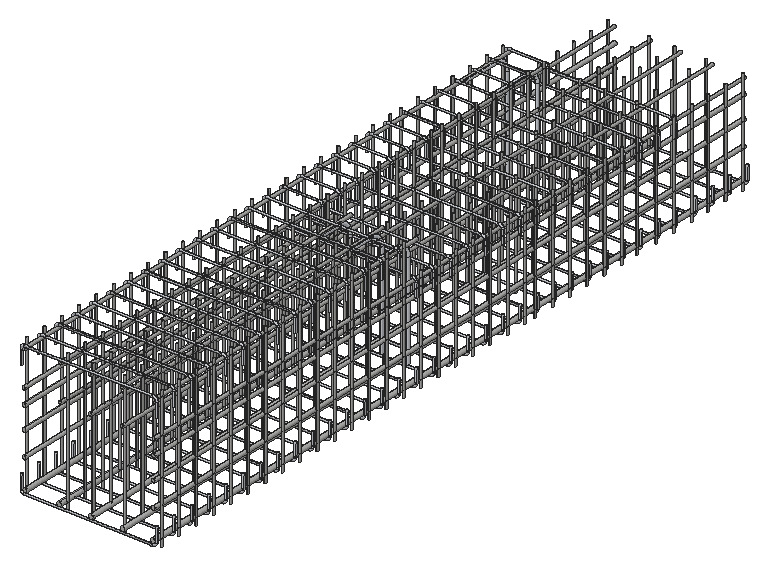
Revit family "261_Каркас пространственный КП4", category Обобщенные модели, Revit 2016
Family settings
  Тип детали = Нормальный
  Может служить основой для арматурных стержней = Нет
  Размер круглого соединителя = Использовать диаметр
  На основе рабочей плоскости = Нет
  Всегда вертикально = Да
  При загрузке вырезать с полостями = Нет
  Общий = Нет
  Точка расчета площади = Нет
Parameters
  Орг.УровеньТекстовый [instance] = ""
  Орг.ОбознчТома(Комплекта) [instance] = ""
  Орг.НомерЛистаЭлемента [instance] = ""
  Орг.МассаИзделия = 0
  Орг.ИзделиеТипПодсчета [instance] = 8
  Орг.ИдентификацияЭлемента2 [instance] = ""
  Орг.ИдентификацияЭлемента1 [instance] = ""
  Орг.ИдентификацияЭлемента [instance] = ""
  Мрк.Обозначение [instance] = ""
  Мрк.Наименование [instance] = "Каркас пространственный КП 4"
  Мрк.МаркаКонструкции [instance] = ""
  Мрк.МаркаИзделия3 [instance] = ""
  Мрк.МаркаИзделия2 [instance] = ""
  Мрк.МаркаИзделия1 [instance] = ""
  Мрк.МаркаИзделия [instance] = "Каркас пространственный КП 4"
  Мрк.Марка [instance] = ""
Reference planes
  plane 1 "По центру (Вперед/Назад)": y = 0
  plane 2: z = 0
  plane 3 "По центру (Влево/Вправо)": x = 0
  plane 4 "П-образный стержень": y = 0
  plane 5: x = 1000
  plane 6: y = 5120
  plane 7 "КР 29": x = 60
  plane 8 "КР30": x = 300
  plane 9 "КР31": x = 520
  plane 10 "КР32": x = 950
  plane 11: x = 740
Dimensions and locks
  aligned and locked: level to plane 2
Nested families
  nested 1: "261_Каркас плоский КР 29" at (38, 0, 0) x (0, 1, 0) z (1, 0, 0), Орг.ИдентификацияЭлемента <- "Орг.ИдентификацияЭлемента", Орг.ИдентификацияЭлемента1 <- "Орг.ИдентификацияЭлемента1", Орг.ИдентификацияЭлемента2 <- "Орг.ИдентификацияЭлемента2", Мрк.МаркаИзделия <- "Мрк.МаркаИзделия", Мрк.МаркаКонструкции <- "Мрк.МаркаКонструкции", Орг.ОбознчТома(Комплекта) <- "Орг.ОбознчТома(Комплекта)", Орг.УровеньТекстовый <- "Орг.УровеньТекстовый", type "261_Каркас плоский КР 29"
    with Орг.УровеньТекстовый "", Орг.ОбознчТома(Комплекта) "", Орг.НомерЛистаЭлемента "", Орг.ИзделиеТипПодсчета 8, Орг.ИдентификацияЭлемента2 "", Орг.ИдентификацияЭлемента1 "", Орг.ИдентификацияЭлемента "", Мрк.Обозначение "", Мрк.Наименование "Каркас плоский КР 29", Мрк.МаркаКонструкции "", Мрк.МаркаИзделия3 "", Мрк.МаркаИзделия2 "", Мрк.МаркаИзделия1 "Каркас плоский КР 29", Мрк.МаркаИзделия "Каркас пространственный КП 4", Мрк.Марка "1"
  nested 2: "361_Арматурная форма 1" at (38, 45, 500) x (0, 0, 1) z (1, 0, 0), type "Параметрический"
    with Рзм.Длина 970 mm, Рзм.Диаметр 12 mm, Орг.УровеньТекстовый "", Орг.ОбознчТома(Комплекта) "", Орг.НомерЛистаЭлемента "", Орг.ИзделиеТипПодсчета 2, Орг.ИдентификацияЭлемента1 "", Орг.ИдентификацияЭлемента "", Мрк.Обозначение "ГОСТ 5781-82", Мрк.Наименование "Ø12 А240 ГОСТ 5781-82", Мрк.МаркаКонструкции "", Мрк.МаркаИзделия3 "", Мрк.МаркаИзделия2 "", Мрк.МаркаИзделия1 "Каркас плоский КР 29", Мрк.МаркаИзделия "Каркас пространственный КП 4", Мрк.Марка "6", Арм.РазмерR 0 mm, Арм.РазмерJ 0 mm, Арм.РазмерG 0 mm, Арм.РазмерF 0 mm, Арм.РазмерE 0 mm, Арм.РазмерD 0 mm, Арм.РазмерC 0 mm, Арм.РазмерB 0 mm, Арм.РазмерA 970 mm, Арм.ПогМетрыВкл no, Арм.КоэфНахлеста 1, Арм.Класс 1240
  nested 3: "361_Арматурная форма 2" at (76.814, 4160, 560.084) x (0.0074, 0, -1) z (1, 0, 0.0074), type "Параметрический"
    with Рзм.РасчетныйРадиус 90 mm, Рзм.Длина 1090.738 mm, Рзм.Диаметр 20 mm, Орг.УровеньТекстовый "", Орг.ОбознчТома(Комплекта) "", Орг.НомерЛистаЭлемента "", Орг.ИзделиеТипПодсчета 2, Орг.ИдентификацияЭлемента2 "", Орг.ИдентификацияЭлемента1 "", Орг.ИдентификацияЭлемента "", Мсв.Количество 1, Мрк.Обозначение "ГОСТ 5781-82", Мрк.Наименование "Ø20 А240 ГОСТ 5781-82", Мрк.МаркаКонструкции "", Мрк.МаркаИзделия3 "", Мрк.МаркаИзделия2 "", Мрк.МаркаИзделия1 "Каркас плоский КР 29", Мрк.МаркаИзделия "Каркас пространственный КП 4", Мрк.Марка "8", Арм.РазмерR 80 mm, Арм.РазмерJ 0 mm, Арм.РазмерG 0 mm, Арм.РазмерF 0 mm, Арм.РазмерE 0 mm, Арм.РазмерD 0 mm, Арм.РазмерC 0 mm, Арм.РазмерB 760 mm, Арм.РазмерA 365.075 mm, Арм.ПогМетрыВкл no, Арм.КоэфНахлеста 1, Арм.Класс 1240
  nested 4: "361_Арматурная форма 1" at (38, 195, 500) x (0, 0, 1) z (1, 0, 0), type "Параметрический"
    with Рзм.Длина 970 mm, Рзм.Диаметр 12 mm, Орг.УровеньТекстовый "", Орг.ОбознчТома(Комплекта) "", Орг.НомерЛистаЭлемента "", Орг.ИзделиеТипПодсчета 2, Орг.ИдентификацияЭлемента1 "", Орг.ИдентификацияЭлемента "", Мрк.Обозначение "ГОСТ 5781-82", Мрк.Наименование "Ø12 А240 ГОСТ 5781-82", Мрк.МаркаКонструкции "", Мрк.МаркаИзделия3 "", Мрк.МаркаИзделия2 "", Мрк.МаркаИзделия1 "Каркас плоский КР 29", Мрк.МаркаИзделия "Каркас пространственный КП 4", Мрк.Марка "6", Арм.РазмерR 0 mm, Арм.РазмерJ 0 mm, Арм.РазмерG 0 mm, Арм.РазмерF 0 mm, Арм.РазмерE 0 mm, Арм.РазмерD 0 mm, Арм.РазмерC 0 mm, Арм.РазмерB 0 mm, Арм.РазмерA 970 mm, Арм.ПогМетрыВкл no, Арм.КоэфНахлеста 1, Арм.Класс 1240
  nested 5: "361_Арматурная форма 1" at (38, 345, 500) x (0, 0, 1) z (1, 0, 0), type "Параметрический"
    with Рзм.Длина 970 mm, Рзм.Диаметр 12 mm, Орг.УровеньТекстовый "", Орг.ОбознчТома(Комплекта) "", Орг.НомерЛистаЭлемента "", Орг.ИзделиеТипПодсчета 2, Орг.ИдентификацияЭлемента1 "", Орг.ИдентификацияЭлемента "", Мрк.Обозначение "ГОСТ 5781-82", Мрк.Наименование "Ø12 А240 ГОСТ 5781-82", Мрк.МаркаКонструкции "", Мрк.МаркаИзделия3 "", Мрк.МаркаИзделия2 "", Мрк.МаркаИзделия1 "Каркас плоский КР 29", Мрк.МаркаИзделия "Каркас пространственный КП 4", Мрк.Марка "6", Арм.РазмерR 0 mm, Арм.РазмерJ 0 mm, Арм.РазмерG 0 mm, Арм.РазмерF 0 mm, Арм.РазмерE 0 mm, Арм.РазмерD 0 mm, Арм.РазмерC 0 mm, Арм.РазмерB 0 mm, Арм.РазмерA 970 mm, Арм.ПогМетрыВкл no, Арм.КоэфНахлеста 1, Арм.Класс 1240
  nested 6: "361_Арматурная форма 1" at (38, 495, 500) x (0, 0, 1) z (1, 0, 0), type "Параметрический"
    with Рзм.Длина 970 mm, Рзм.Диаметр 12 mm, Орг.УровеньТекстовый "", Орг.ОбознчТома(Комплекта) "", Орг.НомерЛистаЭлемента "", Орг.ИзделиеТипПодсчета 2, Орг.ИдентификацияЭлемента1 "", Орг.ИдентификацияЭлемента "", Мрк.Обозначение "ГОСТ 5781-82", Мрк.Наименование "Ø12 А240 ГОСТ 5781-82", Мрк.МаркаКонструкции "", Мрк.МаркаИзделия3 "", Мрк.МаркаИзделия2 "", Мрк.МаркаИзделия1 "Каркас плоский КР 29", Мрк.МаркаИзделия "Каркас пространственный КП 4", Мрк.Марка "6", Арм.РазмерR 0 mm, Арм.РазмерJ 0 mm, Арм.РазмерG 0 mm, Арм.РазмерF 0 mm, Арм.РазмерE 0 mm, Арм.РазмерD 0 mm, Арм.РазмерC 0 mm, Арм.РазмерB 0 mm, Арм.РазмерA 970 mm, Арм.ПогМетрыВкл no, Арм.КоэфНахлеста 1, Арм.Класс 1240
  nested 7: "361_Арматурная форма 1" at (38, 645, 500) x (0, 0, 1) z (1, 0, 0), type "Параметрический"
    with Рзм.Длина 970 mm, Рзм.Диаметр 12 mm, Орг.УровеньТекстовый "", Орг.ОбознчТома(Комплекта) "", Орг.НомерЛистаЭлемента "", Орг.ИзделиеТипПодсчета 2, Орг.ИдентификацияЭлемента1 "", Орг.ИдентификацияЭлемента "", Мрк.Обозначение "ГОСТ 5781-82", Мрк.Наименование "Ø12 А240 ГОСТ 5781-82", Мрк.МаркаКонструкции "", Мрк.МаркаИзделия3 "", Мрк.МаркаИзделия2 "", Мрк.МаркаИзделия1 "Каркас плоский КР 29", Мрк.МаркаИзделия "Каркас пространственный КП 4", Мрк.Марка "6", Арм.РазмерR 0 mm, Арм.РазмерJ 0 mm, Арм.РазмерG 0 mm, Арм.РазмерF 0 mm, Арм.РазмерE 0 mm, Арм.РазмерD 0 mm, Арм.РазмерC 0 mm, Арм.РазмерB 0 mm, Арм.РазмерA 970 mm, Арм.ПогМетрыВкл no, Арм.КоэфНахлеста 1, Арм.Класс 1240
  nested 8: "361_Арматурная форма 1" at (38, 795, 500) x (0, 0, 1) z (1, 0, 0), type "Параметрический"
    with Рзм.Длина 970 mm, Рзм.Диаметр 12 mm, Орг.УровеньТекстовый "", Орг.ОбознчТома(Комплекта) "", Орг.НомерЛистаЭлемента "", Орг.ИзделиеТипПодсчета 2, Орг.ИдентификацияЭлемента1 "", Орг.ИдентификацияЭлемента "", Мрк.Обозначение "ГОСТ 5781-82", Мрк.Наименование "Ø12 А240 ГОСТ 5781-82", Мрк.МаркаКонструкции "", Мрк.МаркаИзделия3 "", Мрк.МаркаИзделия2 "", Мрк.МаркаИзделия1 "Каркас плоский КР 29", Мрк.МаркаИзделия "Каркас пространственный КП 4", Мрк.Марка "6", Арм.РазмерR 0 mm, Арм.РазмерJ 0 mm, Арм.РазмерG 0 mm, Арм.РазмерF 0 mm, Арм.РазмерE 0 mm, Арм.РазмерD 0 mm, Арм.РазмерC 0 mm, Арм.РазмерB 0 mm, Арм.РазмерA 970 mm, Арм.ПогМетрыВкл no, Арм.КоэфНахлеста 1, Арм.Класс 1240
  nested 9: "361_Арматурная форма 1" at (38, 945, 500) x (0, 0, 1) z (1, 0, 0), type "Параметрический"
    with Рзм.Длина 970 mm, Рзм.Диаметр 12 mm, Орг.УровеньТекстовый "", Орг.ОбознчТома(Комплекта) "", Орг.НомерЛистаЭлемента "", Орг.ИзделиеТипПодсчета 2, Орг.ИдентификацияЭлемента1 "", Орг.ИдентификацияЭлемента "", Мрк.Обозначение "ГОСТ 5781-82", Мрк.Наименование "Ø12 А240 ГОСТ 5781-82", Мрк.МаркаКонструкции "", Мрк.МаркаИзделия3 "", Мрк.МаркаИзделия2 "", Мрк.МаркаИзделия1 "Каркас плоский КР 29", Мрк.МаркаИзделия "Каркас пространственный КП 4", Мрк.Марка "6", Арм.РазмерR 0 mm, Арм.РазмерJ 0 mm, Арм.РазмерG 0 mm, Арм.РазмерF 0 mm, Арм.РазмерE 0 mm, Арм.РазмерD 0 mm, Арм.РазмерC 0 mm, Арм.РазмерB 0 mm, Арм.РазмерA 970 mm, Арм.ПогМетрыВкл no, Арм.КоэфНахлеста 1, Арм.Класс 1240
  nested 10: "361_Арматурная форма 1" at (38, 1095, 500) x (0, 0, 1) z (1, 0, 0), type "Параметрический"
    with Рзм.Длина 970 mm, Рзм.Диаметр 12 mm, Орг.УровеньТекстовый "", Орг.ОбознчТома(Комплекта) "", Орг.НомерЛистаЭлемента "", Орг.ИзделиеТипПодсчета 2, Орг.ИдентификацияЭлемента1 "", Орг.ИдентификацияЭлемента "", Мрк.Обозначение "ГОСТ 5781-82", Мрк.Наименование "Ø12 А240 ГОСТ 5781-82", Мрк.МаркаКонструкции "", Мрк.МаркаИзделия3 "", Мрк.МаркаИзделия2 "", Мрк.МаркаИзделия1 "Каркас плоский КР 29", Мрк.МаркаИзделия "Каркас пространственный КП 4", Мрк.Марка "6", Арм.РазмерR 0 mm, Арм.РазмерJ 0 mm, Арм.РазмерG 0 mm, Арм.РазмерF 0 mm, Арм.РазмерE 0 mm, Арм.РазмерD 0 mm, Арм.РазмерC 0 mm, Арм.РазмерB 0 mm, Арм.РазмерA 970 mm, Арм.ПогМетрыВкл no, Арм.КоэфНахлеста 1, Арм.Класс 1240
  nested 11: "361_Арматурная форма 1" at (38, 1245, 500) x (0, 0, 1) z (1, 0, 0), type "Параметрический"
    with Рзм.Длина 970 mm, Рзм.Диаметр 12 mm, Орг.УровеньТекстовый "", Орг.ОбознчТома(Комплекта) "", Орг.НомерЛистаЭлемента "", Орг.ИзделиеТипПодсчета 2, Орг.ИдентификацияЭлемента1 "", Орг.ИдентификацияЭлемента "", Мрк.Обозначение "ГОСТ 5781-82", Мрк.Наименование "Ø12 А240 ГОСТ 5781-82", Мрк.МаркаКонструкции "", Мрк.МаркаИзделия3 "", Мрк.МаркаИзделия2 "", Мрк.МаркаИзделия1 "Каркас плоский КР 29", Мрк.МаркаИзделия "Каркас пространственный КП 4", Мрк.Марка "6", Арм.РазмерR 0 mm, Арм.РазмерJ 0 mm, Арм.РазмерG 0 mm, Арм.РазмерF 0 mm, Арм.РазмерE 0 mm, Арм.РазмерD 0 mm, Арм.РазмерC 0 mm, Арм.РазмерB 0 mm, Арм.РазмерA 970 mm, Арм.ПогМетрыВкл no, Арм.КоэфНахлеста 1, Арм.Класс 1240
  nested 12: "361_Арматурная форма 1" at (38, 1395, 500) x (0, 0, 1) z (1, 0, 0), type "Параметрический"
    with Рзм.Длина 970 mm, Рзм.Диаметр 12 mm, Орг.УровеньТекстовый "", Орг.ОбознчТома(Комплекта) "", Орг.НомерЛистаЭлемента "", Орг.ИзделиеТипПодсчета 2, Орг.ИдентификацияЭлемента1 "", Орг.ИдентификацияЭлемента "", Мрк.Обозначение "ГОСТ 5781-82", Мрк.Наименование "Ø12 А240 ГОСТ 5781-82", Мрк.МаркаКонструкции "", Мрк.МаркаИзделия3 "", Мрк.МаркаИзделия2 "", Мрк.МаркаИзделия1 "Каркас плоский КР 29", Мрк.МаркаИзделия "Каркас пространственный КП 4", Мрк.Марка "6", Арм.РазмерR 0 mm, Арм.РазмерJ 0 mm, Арм.РазмерG 0 mm, Арм.РазмерF 0 mm, Арм.РазмерE 0 mm, Арм.РазмерD 0 mm, Арм.РазмерC 0 mm, Арм.РазмерB 0 mm, Арм.РазмерA 970 mm, Арм.ПогМетрыВкл no, Арм.КоэфНахлеста 1, Арм.Класс 1240
  nested 13: "361_Арматурная форма 1" at (38, 1545, 500) x (0, 0, 1) z (1, 0, 0), type "Параметрический"
    with Рзм.Длина 970 mm, Рзм.Диаметр 12 mm, Орг.УровеньТекстовый "", Орг.ОбознчТома(Комплекта) "", Орг.НомерЛистаЭлемента "", Орг.ИзделиеТипПодсчета 2, Орг.ИдентификацияЭлемента1 "", Орг.ИдентификацияЭлемента "", Мрк.Обозначение "ГОСТ 5781-82", Мрк.Наименование "Ø12 А240 ГОСТ 5781-82", Мрк.МаркаКонструкции "", Мрк.МаркаИзделия3 "", Мрк.МаркаИзделия2 "", Мрк.МаркаИзделия1 "Каркас плоский КР 29", Мрк.МаркаИзделия "Каркас пространственный КП 4", Мрк.Марка "6", Арм.РазмерR 0 mm, Арм.РазмерJ 0 mm, Арм.РазмерG 0 mm, Арм.РазмерF 0 mm, Арм.РазмерE 0 mm, Арм.РазмерD 0 mm, Арм.РазмерC 0 mm, Арм.РазмерB 0 mm, Арм.РазмерA 970 mm, Арм.ПогМетрыВкл no, Арм.КоэфНахлеста 1, Арм.Класс 1240
  nested 14: "361_Арматурная форма 1" at (38, 1695, 500) x (0, 0, 1) z (1, 0, 0), type "Параметрический"
    with Рзм.Длина 970 mm, Рзм.Диаметр 12 mm, Орг.УровеньТекстовый "", Орг.ОбознчТома(Комплекта) "", Орг.НомерЛистаЭлемента "", Орг.ИзделиеТипПодсчета 2, Орг.ИдентификацияЭлемента1 "", Орг.ИдентификацияЭлемента "", Мрк.Обозначение "ГОСТ 5781-82", Мрк.Наименование "Ø12 А240 ГОСТ 5781-82", Мрк.МаркаКонструкции "", Мрк.МаркаИзделия3 "", Мрк.МаркаИзделия2 "", Мрк.МаркаИзделия1 "Каркас плоский КР 29", Мрк.МаркаИзделия "Каркас пространственный КП 4", Мрк.Марка "6", Арм.РазмерR 0 mm, Арм.РазмерJ 0 mm, Арм.РазмерG 0 mm, Арм.РазмерF 0 mm, Арм.РазмерE 0 mm, Арм.РазмерD 0 mm, Арм.РазмерC 0 mm, Арм.РазмерB 0 mm, Арм.РазмерA 970 mm, Арм.ПогМетрыВкл no, Арм.КоэфНахлеста 1, Арм.Класс 1240
  nested 15: "361_Арматурная форма 1" at (38, 1845, 500) x (0, 0, 1) z (1, 0, 0), type "Параметрический"
    with Рзм.Длина 970 mm, Рзм.Диаметр 12 mm, Орг.УровеньТекстовый "", Орг.ОбознчТома(Комплекта) "", Орг.НомерЛистаЭлемента "", Орг.ИзделиеТипПодсчета 2, Орг.ИдентификацияЭлемента1 "", Орг.ИдентификацияЭлемента "", Мрк.Обозначение "ГОСТ 5781-82", Мрк.Наименование "Ø12 А240 ГОСТ 5781-82", Мрк.МаркаКонструкции "", Мрк.МаркаИзделия3 "", Мрк.МаркаИзделия2 "", Мрк.МаркаИзделия1 "Каркас плоский КР 29", Мрк.МаркаИзделия "Каркас пространственный КП 4", Мрк.Марка "6", Арм.РазмерR 0 mm, Арм.РазмерJ 0 mm, Арм.РазмерG 0 mm, Арм.РазмерF 0 mm, Арм.РазмерE 0 mm, Арм.РазмерD 0 mm, Арм.РазмерC 0 mm, Арм.РазмерB 0 mm, Арм.РазмерA 970 mm, Арм.ПогМетрыВкл no, Арм.КоэфНахлеста 1, Арм.Класс 1240
  nested 16: "361_Арматурная форма 1" at (38, 1995, 500) x (0, 0, 1) z (1, 0, 0), type "Параметрический"
    with Рзм.Длина 970 mm, Рзм.Диаметр 12 mm, Орг.УровеньТекстовый "", Орг.ОбознчТома(Комплекта) "", Орг.НомерЛистаЭлемента "", Орг.ИзделиеТипПодсчета 2, Орг.ИдентификацияЭлемента1 "", Орг.ИдентификацияЭлемента "", Мрк.Обозначение "ГОСТ 5781-82", Мрк.Наименование "Ø12 А240 ГОСТ 5781-82", Мрк.МаркаКонструкции "", Мрк.МаркаИзделия3 "", Мрк.МаркаИзделия2 "", Мрк.МаркаИзделия1 "Каркас плоский КР 29", Мрк.МаркаИзделия "Каркас пространственный КП 4", Мрк.Марка "6", Арм.РазмерR 0 mm, Арм.РазмерJ 0 mm, Арм.РазмерG 0 mm, Арм.РазмерF 0 mm, Арм.РазмерE 0 mm, Арм.РазмерD 0 mm, Арм.РазмерC 0 mm, Арм.РазмерB 0 mm, Арм.РазмерA 970 mm, Арм.ПогМетрыВкл no, Арм.КоэфНахлеста 1, Арм.Класс 1240
  nested 17: "361_Арматурная форма 1" at (38, 2145, 500) x (0, 0, 1) z (1, 0, 0), type "Параметрический"
    with Рзм.Длина 970 mm, Рзм.Диаметр 12 mm, Орг.УровеньТекстовый "", Орг.ОбознчТома(Комплекта) "", Орг.НомерЛистаЭлемента "", Орг.ИзделиеТипПодсчета 2, Орг.ИдентификацияЭлемента1 "", Орг.ИдентификацияЭлемента "", Мрк.Обозначение "ГОСТ 5781-82", Мрк.Наименование "Ø12 А240 ГОСТ 5781-82", Мрк.МаркаКонструкции "", Мрк.МаркаИзделия3 "", Мрк.МаркаИзделия2 "", Мрк.МаркаИзделия1 "Каркас плоский КР 29", Мрк.МаркаИзделия "Каркас пространственный КП 4", Мрк.Марка "6", Арм.РазмерR 0 mm, Арм.РазмерJ 0 mm, Арм.РазмерG 0 mm, Арм.РазмерF 0 mm, Арм.РазмерE 0 mm, Арм.РазмерD 0 mm, Арм.РазмерC 0 mm, Арм.РазмерB 0 mm, Арм.РазмерA 970 mm, Арм.ПогМетрыВкл no, Арм.КоэфНахлеста 1, Арм.Класс 1240
  nested 18: "361_Арматурная форма 1" at (38, 2295, 500) x (0, 0, 1) z (1, 0, 0), type "Параметрический"
    with Рзм.Длина 970 mm, Рзм.Диаметр 12 mm, Орг.УровеньТекстовый "", Орг.ОбознчТома(Комплекта) "", Орг.НомерЛистаЭлемента "", Орг.ИзделиеТипПодсчета 2, Орг.ИдентификацияЭлемента1 "", Орг.ИдентификацияЭлемента "", Мрк.Обозначение "ГОСТ 5781-82", Мрк.Наименование "Ø12 А240 ГОСТ 5781-82", Мрк.МаркаКонструкции "", Мрк.МаркаИзделия3 "", Мрк.МаркаИзделия2 "", Мрк.МаркаИзделия1 "Каркас плоский КР 29", Мрк.МаркаИзделия "Каркас пространственный КП 4", Мрк.Марка "6", Арм.РазмерR 0 mm, Арм.РазмерJ 0 mm, Арм.РазмерG 0 mm, Арм.РазмерF 0 mm, Арм.РазмерE 0 mm, Арм.РазмерD 0 mm, Арм.РазмерC 0 mm, Арм.РазмерB 0 mm, Арм.РазмерA 970 mm, Арм.ПогМетрыВкл no, Арм.КоэфНахлеста 1, Арм.Класс 1240
  nested 19: "361_Арматурная форма 1" at (38, 2445, 500) x (0, 0, 1) z (1, 0, 0), type "Параметрический"
    with Рзм.Длина 970 mm, Рзм.Диаметр 12 mm, Орг.УровеньТекстовый "", Орг.ОбознчТома(Комплекта) "", Орг.НомерЛистаЭлемента "", Орг.ИзделиеТипПодсчета 2, Орг.ИдентификацияЭлемента1 "", Орг.ИдентификацияЭлемента "", Мрк.Обозначение "ГОСТ 5781-82", Мрк.Наименование "Ø12 А240 ГОСТ 5781-82", Мрк.МаркаКонструкции "", Мрк.МаркаИзделия3 "", Мрк.МаркаИзделия2 "", Мрк.МаркаИзделия1 "Каркас плоский КР 29", Мрк.МаркаИзделия "Каркас пространственный КП 4", Мрк.Марка "6", Арм.РазмерR 0 mm, Арм.РазмерJ 0 mm, Арм.РазмерG 0 mm, Арм.РазмерF 0 mm, Арм.РазмерE 0 mm, Арм.РазмерD 0 mm, Арм.РазмерC 0 mm, Арм.РазмерB 0 mm, Арм.РазмерA 970 mm, Арм.ПогМетрыВкл no, Арм.КоэфНахлеста 1, Арм.Класс 1240
  nested 20: "361_Арматурная форма 1" at (38, 2595, 500) x (0, 0, 1) z (1, 0, 0), type "Параметрический"
    with Рзм.Длина 970 mm, Рзм.Диаметр 12 mm, Орг.УровеньТекстовый "", Орг.ОбознчТома(Комплекта) "", Орг.НомерЛистаЭлемента "", Орг.ИзделиеТипПодсчета 2, Орг.ИдентификацияЭлемента1 "", Орг.ИдентификацияЭлемента "", Мрк.Обозначение "ГОСТ 5781-82", Мрк.Наименование "Ø12 А240 ГОСТ 5781-82", Мрк.МаркаКонструкции "", Мрк.МаркаИзделия3 "", Мрк.МаркаИзделия2 "", Мрк.МаркаИзделия1 "Каркас плоский КР 29", Мрк.МаркаИзделия "Каркас пространственный КП 4", Мрк.Марка "6", Арм.РазмерR 0 mm, Арм.РазмерJ 0 mm, Арм.РазмерG 0 mm, Арм.РазмерF 0 mm, Арм.РазмерE 0 mm, Арм.РазмерD 0 mm, Арм.РазмерC 0 mm, Арм.РазмерB 0 mm, Арм.РазмерA 970 mm, Арм.ПогМетрыВкл no, Арм.КоэфНахлеста 1, Арм.Класс 1240
  nested 21: "361_Арматурная форма 1" at (38, 2745, 500) x (0, 0, 1) z (1, 0, 0), type "Параметрический"
    with Рзм.Длина 970 mm, Рзм.Диаметр 12 mm, Орг.УровеньТекстовый "", Орг.ОбознчТома(Комплекта) "", Орг.НомерЛистаЭлемента "", Орг.ИзделиеТипПодсчета 2, Орг.ИдентификацияЭлемента1 "", Орг.ИдентификацияЭлемента "", Мрк.Обозначение "ГОСТ 5781-82", Мрк.Наименование "Ø12 А240 ГОСТ 5781-82", Мрк.МаркаКонструкции "", Мрк.МаркаИзделия3 "", Мрк.МаркаИзделия2 "", Мрк.МаркаИзделия1 "Каркас плоский КР 29", Мрк.МаркаИзделия "Каркас пространственный КП 4", Мрк.Марка "6", Арм.РазмерR 0 mm, Арм.РазмерJ 0 mm, Арм.РазмерG 0 mm, Арм.РазмерF 0 mm, Арм.РазмерE 0 mm, Арм.РазмерD 0 mm, Арм.РазмерC 0 mm, Арм.РазмерB 0 mm, Арм.РазмерA 970 mm, Арм.ПогМетрыВкл no, Арм.КоэфНахлеста 1, Арм.Класс 1240
  nested 22: "361_Арматурная форма 1" at (38, 2895, 500) x (0, 0, 1) z (1, 0, 0), type "Параметрический"
    with Рзм.Длина 970 mm, Рзм.Диаметр 12 mm, Орг.УровеньТекстовый "", Орг.ОбознчТома(Комплекта) "", Орг.НомерЛистаЭлемента "", Орг.ИзделиеТипПодсчета 2, Орг.ИдентификацияЭлемента1 "", Орг.ИдентификацияЭлемента "", Мрк.Обозначение "ГОСТ 5781-82", Мрк.Наименование "Ø12 А240 ГОСТ 5781-82", Мрк.МаркаКонструкции "", Мрк.МаркаИзделия3 "", Мрк.МаркаИзделия2 "", Мрк.МаркаИзделия1 "Каркас плоский КР 29", Мрк.МаркаИзделия "Каркас пространственный КП 4", Мрк.Марка "6", Арм.РазмерR 0 mm, Арм.РазмерJ 0 mm, Арм.РазмерG 0 mm, Арм.РазмерF 0 mm, Арм.РазмерE 0 mm, Арм.РазмерD 0 mm, Арм.РазмерC 0 mm, Арм.РазмерB 0 mm, Арм.РазмерA 970 mm, Арм.ПогМетрыВкл no, Арм.КоэфНахлеста 1, Арм.Класс 1240
  nested 23: "361_Арматурная форма 1" at (38, 3045, 500) x (0, 0, 1) z (1, 0, 0), type "Параметрический"
    with Рзм.Длина 970 mm, Рзм.Диаметр 12 mm, Орг.УровеньТекстовый "", Орг.ОбознчТома(Комплекта) "", Орг.НомерЛистаЭлемента "", Орг.ИзделиеТипПодсчета 2, Орг.ИдентификацияЭлемента1 "", Орг.ИдентификацияЭлемента "", Мрк.Обозначение "ГОСТ 5781-82", Мрк.Наименование "Ø12 А240 ГОСТ 5781-82", Мрк.МаркаКонструкции "", Мрк.МаркаИзделия3 "", Мрк.МаркаИзделия2 "", Мрк.МаркаИзделия1 "Каркас плоский КР 29", Мрк.МаркаИзделия "Каркас пространственный КП 4", Мрк.Марка "6", Арм.РазмерR 0 mm, Арм.РазмерJ 0 mm, Арм.РазмерG 0 mm, Арм.РазмерF 0 mm, Арм.РазмерE 0 mm, Арм.РазмерD 0 mm, Арм.РазмерC 0 mm, Арм.РазмерB 0 mm, Арм.РазмерA 970 mm, Арм.ПогМетрыВкл no, Арм.КоэфНахлеста 1, Арм.Класс 1240
  nested 24: "361_Арматурная форма 1" at (38, 3195, 500) x (0, 0, 1) z (1, 0, 0), type "Параметрический"
    with Рзм.Длина 970 mm, Рзм.Диаметр 12 mm, Орг.УровеньТекстовый "", Орг.ОбознчТома(Комплекта) "", Орг.НомерЛистаЭлемента "", Орг.ИзделиеТипПодсчета 2, Орг.ИдентификацияЭлемента1 "", Орг.ИдентификацияЭлемента "", Мрк.Обозначение "ГОСТ 5781-82", Мрк.Наименование "Ø12 А240 ГОСТ 5781-82", Мрк.МаркаКонструкции "", Мрк.МаркаИзделия3 "", Мрк.МаркаИзделия2 "", Мрк.МаркаИзделия1 "Каркас плоский КР 29", Мрк.МаркаИзделия "Каркас пространственный КП 4", Мрк.Марка "6", Арм.РазмерR 0 mm, Арм.РазмерJ 0 mm, Арм.РазмерG 0 mm, Арм.РазмерF 0 mm, Арм.РазмерE 0 mm, Арм.РазмерD 0 mm, Арм.РазмерC 0 mm, Арм.РазмерB 0 mm, Арм.РазмерA 970 mm, Арм.ПогМетрыВкл no, Арм.КоэфНахлеста 1, Арм.Класс 1240
  nested 25: "361_Арматурная форма 1" at (38, 3285, 500) x (0, 0, 1) z (1, 0, 0), type "Параметрический"
    with Рзм.Длина 970 mm, Рзм.Диаметр 12 mm, Орг.УровеньТекстовый "", Орг.ОбознчТома(Комплекта) "", Орг.НомерЛистаЭлемента "", Орг.ИзделиеТипПодсчета 2, Орг.ИдентификацияЭлемента1 "", Орг.ИдентификацияЭлемента "", Мрк.Обозначение "ГОСТ 5781-82", Мрк.Наименование "Ø12 А240 ГОСТ 5781-82", Мрк.МаркаКонструкции "", Мрк.МаркаИзделия3 "", Мрк.МаркаИзделия2 "", Мрк.МаркаИзделия1 "Каркас плоский КР 29", Мрк.МаркаИзделия "Каркас пространственный КП 4", Мрк.Марка "6", Арм.РазмерR 0 mm, Арм.РазмерJ 0 mm, Арм.РазмерG 0 mm, Арм.РазмерF 0 mm, Арм.РазмерE 0 mm, Арм.РазмерD 0 mm, Арм.РазмерC 0 mm, Арм.РазмерB 0 mm, Арм.РазмерA 970 mm, Арм.ПогМетрыВкл no, Арм.КоэфНахлеста 1, Арм.Класс 1240
  nested 26: "361_Арматурная форма 1" at (38, 3435, 500) x (0, 0, 1) z (1, 0, 0), type "Параметрический"
    with Рзм.Длина 970 mm, Рзм.Диаметр 12 mm, Орг.УровеньТекстовый "", Орг.ОбознчТома(Комплекта) "", Орг.НомерЛистаЭлемента "", Орг.ИзделиеТипПодсчета 2, Орг.ИдентификацияЭлемента1 "", Орг.ИдентификацияЭлемента "", Мрк.Обозначение "ГОСТ 5781-82", Мрк.Наименование "Ø12 А240 ГОСТ 5781-82", Мрк.МаркаКонструкции "", Мрк.МаркаИзделия3 "", Мрк.МаркаИзделия2 "", Мрк.МаркаИзделия1 "Каркас плоский КР 29", Мрк.МаркаИзделия "Каркас пространственный КП 4", Мрк.Марка "6", Арм.РазмерR 0 mm, Арм.РазмерJ 0 mm, Арм.РазмерG 0 mm, Арм.РазмерF 0 mm, Арм.РазмерE 0 mm, Арм.РазмерD 0 mm, Арм.РазмерC 0 mm, Арм.РазмерB 0 mm, Арм.РазмерA 970 mm, Арм.ПогМетрыВкл no, Арм.КоэфНахлеста 1, Арм.Класс 1240
  nested 27: "361_Арматурная форма 1" at (38, 3585, 500) x (0, 0, 1) z (1, 0, 0), type "Параметрический"
    with Рзм.Длина 970 mm, Рзм.Диаметр 12 mm, Орг.УровеньТекстовый "", Орг.ОбознчТома(Комплекта) "", Орг.НомерЛистаЭлемента "", Орг.ИзделиеТипПодсчета 2, Орг.ИдентификацияЭлемента1 "", Орг.ИдентификацияЭлемента "", Мрк.Обозначение "ГОСТ 5781-82", Мрк.Наименование "Ø12 А240 ГОСТ 5781-82", Мрк.МаркаКонструкции "", Мрк.МаркаИзделия3 "", Мрк.МаркаИзделия2 "", Мрк.МаркаИзделия1 "Каркас плоский КР 29", Мрк.МаркаИзделия "Каркас пространственный КП 4", Мрк.Марка "6", Арм.РазмерR 0 mm, Арм.РазмерJ 0 mm, Арм.РазмерG 0 mm, Арм.РазмерF 0 mm, Арм.РазмерE 0 mm, Арм.РазмерD 0 mm, Арм.РазмерC 0 mm, Арм.РазмерB 0 mm, Арм.РазмерA 970 mm, Арм.ПогМетрыВкл no, Арм.КоэфНахлеста 1, Арм.Класс 1240
  nested 28: "361_Арматурная форма 1" at (38, 3735, 500) x (0, 0, 1) z (1, 0, 0), type "Параметрический"
    with Рзм.Длина 970 mm, Рзм.Диаметр 12 mm, Орг.УровеньТекстовый "", Орг.ОбознчТома(Комплекта) "", Орг.НомерЛистаЭлемента "", Орг.ИзделиеТипПодсчета 2, Орг.ИдентификацияЭлемента1 "", Орг.ИдентификацияЭлемента "", Мрк.Обозначение "ГОСТ 5781-82", Мрк.Наименование "Ø12 А240 ГОСТ 5781-82", Мрк.МаркаКонструкции "", Мрк.МаркаИзделия3 "", Мрк.МаркаИзделия2 "", Мрк.МаркаИзделия1 "Каркас плоский КР 29", Мрк.МаркаИзделия "Каркас пространственный КП 4", Мрк.Марка "6", Арм.РазмерR 0 mm, Арм.РазмерJ 0 mm, Арм.РазмерG 0 mm, Арм.РазмерF 0 mm, Арм.РазмерE 0 mm, Арм.РазмерD 0 mm, Арм.РазмерC 0 mm, Арм.РазмерB 0 mm, Арм.РазмерA 970 mm, Арм.ПогМетрыВкл no, Арм.КоэфНахлеста 1, Арм.Класс 1240
  nested 29: "361_Арматурная форма 1" at (38, 3885, 500) x (0, 0, 1) z (1, 0, 0), type "Параметрический"
    with Рзм.Длина 970 mm, Рзм.Диаметр 12 mm, Орг.УровеньТекстовый "", Орг.ОбознчТома(Комплекта) "", Орг.НомерЛистаЭлемента "", Орг.ИзделиеТипПодсчета 2, Орг.ИдентификацияЭлемента1 "", Орг.ИдентификацияЭлемента "", Мрк.Обозначение "ГОСТ 5781-82", Мрк.Наименование "Ø12 А240 ГОСТ 5781-82", Мрк.МаркаКонструкции "", Мрк.МаркаИзделия3 "", Мрк.МаркаИзделия2 "", Мрк.МаркаИзделия1 "Каркас плоский КР 29", Мрк.МаркаИзделия "Каркас пространственный КП 4", Мрк.Марка "6", Арм.РазмерR 0 mm, Арм.РазмерJ 0 mm, Арм.РазмерG 0 mm, Арм.РазмерF 0 mm, Арм.РазмерE 0 mm, Арм.РазмерD 0 mm, Арм.РазмерC 0 mm, Арм.РазмерB 0 mm, Арм.РазмерA 970 mm, Арм.ПогМетрыВкл no, Арм.КоэфНахлеста 1, Арм.Класс 1240
  nested 30: "361_Арматурная форма 1" at (38, 4035, 500) x (0, 0, 1) z (1, 0, 0), type "Параметрический"
    with Рзм.Длина 970 mm, Рзм.Диаметр 12 mm, Орг.УровеньТекстовый "", Орг.ОбознчТома(Комплекта) "", Орг.НомерЛистаЭлемента "", Орг.ИзделиеТипПодсчета 2, Орг.ИдентификацияЭлемента1 "", Орг.ИдентификацияЭлемента "", Мрк.Обозначение "ГОСТ 5781-82", Мрк.Наименование "Ø12 А240 ГОСТ 5781-82", Мрк.МаркаКонструкции "", Мрк.МаркаИзделия3 "", Мрк.МаркаИзделия2 "", Мрк.МаркаИзделия1 "Каркас плоский КР 29", Мрк.МаркаИзделия "Каркас пространственный КП 4", Мрк.Марка "6", Арм.РазмерR 0 mm, Арм.РазмерJ 0 mm, Арм.РазмерG 0 mm, Арм.РазмерF 0 mm, Арм.РазмерE 0 mm, Арм.РазмерD 0 mm, Арм.РазмерC 0 mm, Арм.РазмерB 0 mm, Арм.РазмерA 970 mm, Арм.ПогМетрыВкл no, Арм.КоэфНахлеста 1, Арм.Класс 1240
  nested 31: "361_Арматурная форма 1" at (38, 4170, 500) x (0, 0, 1) z (1, 0, 0), type "Параметрический"
    with Рзм.Длина 970 mm, Рзм.Диаметр 12 mm, Орг.УровеньТекстовый "", Орг.ОбознчТома(Комплекта) "", Орг.НомерЛистаЭлемента "", Орг.ИзделиеТипПодсчета 2, Орг.ИдентификацияЭлемента1 "", Орг.ИдентификацияЭлемента "", Мрк.Обозначение "ГОСТ 5781-82", Мрк.Наименование "Ø12 А240 ГОСТ 5781-82", Мрк.МаркаКонструкции "", Мрк.МаркаИзделия3 "", Мрк.МаркаИзделия2 "", Мрк.МаркаИзделия1 "Каркас плоский КР 29", Мрк.МаркаИзделия "Каркас пространственный КП 4", Мрк.Марка "6", Арм.РазмерR 0 mm, Арм.РазмерJ 0 mm, Арм.РазмерG 0 mm, Арм.РазмерF 0 mm, Арм.РазмерE 0 mm, Арм.РазмерD 0 mm, Арм.РазмерC 0 mm, Арм.РазмерB 0 mm, Арм.РазмерA 970 mm, Арм.ПогМетрыВкл no, Арм.КоэфНахлеста 1, Арм.Класс 1240
  nested 32: "361_Арматурная форма 1" at (38, 4335, 377.5) x (0, 0, 1) z (1, 0, 0), type "Параметрический"
    with Рзм.Длина 725 mm, Рзм.Диаметр 12 mm, Орг.УровеньТекстовый "", Орг.ОбознчТома(Комплекта) "", Орг.НомерЛистаЭлемента "", Орг.ИзделиеТипПодсчета 2, Орг.ИдентификацияЭлемента1 "", Орг.ИдентификацияЭлемента "", Мрк.Обозначение "ГОСТ 5781-82", Мрк.Наименование "Ø12 А240 ГОСТ 5781-82", Мрк.МаркаКонструкции "", Мрк.МаркаИзделия3 "", Мрк.МаркаИзделия2 "", Мрк.МаркаИзделия1 "Каркас плоский КР 29", Мрк.МаркаИзделия "Каркас пространственный КП 4", Мрк.Марка "5", Арм.РазмерR 0 mm, Арм.РазмерJ 0 mm, Арм.РазмерG 0 mm, Арм.РазмерF 0 mm, Арм.РазмерE 0 mm, Арм.РазмерD 0 mm, Арм.РазмерC 0 mm, Арм.РазмерB 0 mm, Арм.РазмерA 725 mm, Арм.ПогМетрыВкл no, Арм.КоэфНахлеста 1, Арм.Класс 1240
  nested 33: "361_Арматурная форма 1" at (38, 4485, 377.5) x (0, 0, 1) z (1, 0, 0), type "Параметрический"
    with Рзм.Длина 725 mm, Рзм.Диаметр 12 mm, Орг.УровеньТекстовый "", Орг.ОбознчТома(Комплекта) "", Орг.НомерЛистаЭлемента "", Орг.ИзделиеТипПодсчета 2, Орг.ИдентификацияЭлемента1 "", Орг.ИдентификацияЭлемента "", Мрк.Обозначение "ГОСТ 5781-82", Мрк.Наименование "Ø12 А240 ГОСТ 5781-82", Мрк.МаркаКонструкции "", Мрк.МаркаИзделия3 "", Мрк.МаркаИзделия2 "", Мрк.МаркаИзделия1 "Каркас плоский КР 29", Мрк.МаркаИзделия "Каркас пространственный КП 4", Мрк.Марка "5", Арм.РазмерR 0 mm, Арм.РазмерJ 0 mm, Арм.РазмерG 0 mm, Арм.РазмерF 0 mm, Арм.РазмерE 0 mm, Арм.РазмерD 0 mm, Арм.РазмерC 0 mm, Арм.РазмерB 0 mm, Арм.РазмерA 725 mm, Арм.ПогМетрыВкл no, Арм.КоэфНахлеста 1, Арм.Класс 1240
  nested 34: "361_Арматурная форма 1" at (38, 4645, 377.5) x (0, 0, 1) z (1, 0, 0), type "Параметрический"
    with Рзм.Длина 725 mm, Рзм.Диаметр 12 mm, Орг.УровеньТекстовый "", Орг.ОбознчТома(Комплекта) "", Орг.НомерЛистаЭлемента "", Орг.ИзделиеТипПодсчета 2, Орг.ИдентификацияЭлемента1 "", Орг.ИдентификацияЭлемента "", Мрк.Обозначение "ГОСТ 5781-82", Мрк.Наименование "Ø12 А240 ГОСТ 5781-82", Мрк.МаркаКонструкции "", Мрк.МаркаИзделия3 "", Мрк.МаркаИзделия2 "", Мрк.МаркаИзделия1 "Каркас плоский КР 29", Мрк.МаркаИзделия "Каркас пространственный КП 4", Мрк.Марка "5", Арм.РазмерR 0 mm, Арм.РазмерJ 0 mm, Арм.РазмерG 0 mm, Арм.РазмерF 0 mm, Арм.РазмерE 0 mm, Арм.РазмерD 0 mm, Арм.РазмерC 0 mm, Арм.РазмерB 0 mm, Арм.РазмерA 725 mm, Арм.ПогМетрыВкл no, Арм.КоэфНахлеста 1, Арм.Класс 1240
  nested 35: "361_Арматурная форма 1" at (38, 4785, 377.5) x (0, 0, 1) z (1, 0, 0), type "Параметрический"
    with Рзм.Длина 725 mm, Рзм.Диаметр 12 mm, Орг.УровеньТекстовый "", Орг.ОбознчТома(Комплекта) "", Орг.НомерЛистаЭлемента "", Орг.ИзделиеТипПодсчета 2, Орг.ИдентификацияЭлемента1 "", Орг.ИдентификацияЭлемента "", Мрк.Обозначение "ГОСТ 5781-82", Мрк.Наименование "Ø12 А240 ГОСТ 5781-82", Мрк.МаркаКонструкции "", Мрк.МаркаИзделия3 "", Мрк.МаркаИзделия2 "", Мрк.МаркаИзделия1 "Каркас плоский КР 29", Мрк.МаркаИзделия "Каркас пространственный КП 4", Мрк.Марка "5", Арм.РазмерR 0 mm, Арм.РазмерJ 0 mm, Арм.РазмерG 0 mm, Арм.РазмерF 0 mm, Арм.РазмерE 0 mm, Арм.РазмерD 0 mm, Арм.РазмерC 0 mm, Арм.РазмерB 0 mm, Арм.РазмерA 725 mm, Арм.ПогМетрыВкл no, Арм.КоэфНахлеста 1, Арм.Класс 1240
  nested 36: "361_Арматурная форма 1" at (38, 4935, 377.5) x (0, 0, 1) z (1, 0, 0), type "Параметрический"
    with Рзм.Длина 725 mm, Рзм.Диаметр 12 mm, Орг.УровеньТекстовый "", Орг.ОбознчТома(Комплекта) "", Орг.НомерЛистаЭлемента "", Орг.ИзделиеТипПодсчета 2, Орг.ИдентификацияЭлемента1 "", Орг.ИдентификацияЭлемента "", Мрк.Обозначение "ГОСТ 5781-82", Мрк.Наименование "Ø12 А240 ГОСТ 5781-82", Мрк.МаркаКонструкции "", Мрк.МаркаИзделия3 "", Мрк.МаркаИзделия2 "", Мрк.МаркаИзделия1 "Каркас плоский КР 29", Мрк.МаркаИзделия "Каркас пространственный КП 4", Мрк.Марка "5", Арм.РазмерR 0 mm, Арм.РазмерJ 0 mm, Арм.РазмерG 0 mm, Арм.РазмерF 0 mm, Арм.РазмерE 0 mm, Арм.РазмерD 0 mm, Арм.РазмерC 0 mm, Арм.РазмерB 0 mm, Арм.РазмерA 725 mm, Арм.ПогМетрыВкл no, Арм.КоэфНахлеста 1, Арм.Класс 1240
  nested 37: "361_Арматурная форма 1" at (38, 5085, 377.5) x (0, 0, 1) z (1, 0, 0), type "Параметрический"
    with Рзм.Длина 725 mm, Рзм.Диаметр 12 mm, Орг.УровеньТекстовый "", Орг.ОбознчТома(Комплекта) "", Орг.НомерЛистаЭлемента "", Орг.ИзделиеТипПодсчета 2, Орг.ИдентификацияЭлемента1 "", Орг.ИдентификацияЭлемента "", Мрк.Обозначение "ГОСТ 5781-82", Мрк.Наименование "Ø12 А240 ГОСТ 5781-82", Мрк.МаркаКонструкции "", Мрк.МаркаИзделия3 "", Мрк.МаркаИзделия2 "", Мрк.МаркаИзделия1 "Каркас плоский КР 29", Мрк.МаркаИзделия "Каркас пространственный КП 4", Мрк.Марка "5", Арм.РазмерR 0 mm, Арм.РазмерJ 0 mm, Арм.РазмерG 0 mm, Арм.РазмерF 0 mm, Арм.РазмерE 0 mm, Арм.РазмерD 0 mm, Арм.РазмерC 0 mm, Арм.РазмерB 0 mm, Арм.РазмерA 725 mm, Арм.ПогМетрыВкл no, Арм.КоэфНахлеста 1, Арм.Класс 1240
  nested 38: "361_Арматурная форма 1" at (54, 2112.5, 940) x (0, -1, 0) z (1, 0, 0), type "Параметрический"
    with Рзм.Длина 4225 mm, Рзм.Диаметр 20 mm, Орг.УровеньТекстовый "", Орг.ОбознчТома(Комплекта) "", Орг.НомерЛистаЭлемента "", Орг.ИзделиеТипПодсчета 2, Орг.ИдентификацияЭлемента1 "", Орг.ИдентификацияЭлемента "", Мрк.Обозначение "ГОСТ 5781-82", Мрк.Наименование "Ø20 А240 ГОСТ 5781-82", Мрк.МаркаКонструкции "", Мрк.МаркаИзделия3 "", Мрк.МаркаИзделия2 "", Мрк.МаркаИзделия1 "Каркас плоский КР 29", Мрк.МаркаИзделия "Каркас пространственный КП 4", Мрк.Марка "4", Арм.РазмерR 0 mm, Арм.РазмерJ 0 mm, Арм.РазмерG 0 mm, Арм.РазмерF 0 mm, Арм.РазмерE 0 mm, Арм.РазмерD 0 mm, Арм.РазмерC 0 mm, Арм.РазмерB 0 mm, Арм.РазмерA 4225 mm, Арм.ПогМетрыВкл no, Арм.КоэфНахлеста 1, Арм.Класс 1240
  nested 39: "361_Арматурная форма 1" at (54, 2560, 695) x (0, -1, 0) z (1, 0, 0), type "Параметрический"
    with Рзм.Длина 5120 mm, Рзм.Диаметр 20 mm, Орг.УровеньТекстовый "", Орг.ОбознчТома(Комплекта) "", Орг.НомерЛистаЭлемента "", Орг.ИзделиеТипПодсчета 2, Орг.ИдентификацияЭлемента1 "", Орг.ИдентификацияЭлемента "", Мрк.Обозначение "ГОСТ 5781-82", Мрк.Наименование "Ø20 А240 ГОСТ 5781-82", Мрк.МаркаКонструкции "", Мрк.МаркаИзделия3 "", Мрк.МаркаИзделия2 "", Мрк.МаркаИзделия1 "Каркас плоский КР 29", Мрк.МаркаИзделия "Каркас пространственный КП 4", Мрк.Марка "3", Арм.РазмерR 0 mm, Арм.РазмерJ 0 mm, Арм.РазмерG 0 mm, Арм.РазмерF 0 mm, Арм.РазмерE 0 mm, Арм.РазмерD 0 mm, Арм.РазмерC 0 mm, Арм.РазмерB 0 mm, Арм.РазмерA 5120 mm, Арм.ПогМетрыВкл no, Арм.КоэфНахлеста 1, Арм.Класс 1240
  nested 40: "361_Арматурная форма 1" at (56.5, 2560, 590) x (0, -1, 0) z (1, 0, 0), type "Параметрический"
    with Рзм.Длина 5120 mm, Рзм.Диаметр 25 mm, Орг.УровеньТекстовый "", Орг.ОбознчТома(Комплекта) "", Орг.НомерЛистаЭлемента "", Орг.ИзделиеТипПодсчета 2, Орг.ИдентификацияЭлемента1 "", Орг.ИдентификацияЭлемента "", Мрк.Обозначение "ГОСТ 5781-82", Мрк.Наименование "Арматура не специфицирована", Мрк.МаркаКонструкции "", Мрк.МаркаИзделия3 "", Мрк.МаркаИзделия2 "", Мрк.МаркаИзделия1 "Каркас плоский КР 29", Мрк.МаркаИзделия "Каркас пространственный КП 4", Мрк.Марка "2", Арм.РазмерR 0 mm, Арм.РазмерJ 0 mm, Арм.РазмерG 0 mm, Арм.РазмерF 0 mm, Арм.РазмерE 0 mm, Арм.РазмерD 0 mm, Арм.РазмерC 0 mm, Арм.РазмерB 0 mm, Арм.РазмерA 5120 mm, Арм.ПогМетрыВкл no, Арм.КоэфНахлеста 1, Арм.Класс 1240
  nested 41: "361_Арматурная форма 1" at (56.5, 2560, 435) x (0, -1, 0) z (1, 0, 0), type "Параметрический"
    with Рзм.Длина 5120 mm, Рзм.Диаметр 25 mm, Орг.УровеньТекстовый "", Орг.ОбознчТома(Комплекта) "", Орг.НомерЛистаЭлемента "", Орг.ИзделиеТипПодсчета 2, Орг.ИдентификацияЭлемента1 "", Орг.ИдентификацияЭлемента "", Мрк.Обозначение "ГОСТ 5781-82", Мрк.Наименование "Арматура не специфицирована", Мрк.МаркаКонструкции "", Мрк.МаркаИзделия3 "", Мрк.МаркаИзделия2 "", Мрк.МаркаИзделия1 "Каркас плоский КР 29", Мрк.МаркаИзделия "Каркас пространственный КП 4", Мрк.Марка "2", Арм.РазмерR 0 mm, Арм.РазмерJ 0 mm, Арм.РазмерG 0 mm, Арм.РазмерF 0 mm, Арм.РазмерE 0 mm, Арм.РазмерD 0 mm, Арм.РазмерC 0 mm, Арм.РазмерB 0 mm, Арм.РазмерA 5120 mm, Арм.ПогМетрыВкл no, Арм.КоэфНахлеста 1, Арм.Класс 1240
  nested 42: "361_Арматурная форма 1" at (56.5, 2560, 265) x (0, -1, 0) z (1, 0, 0), type "Параметрический"
    with Рзм.Длина 5120 mm, Рзм.Диаметр 25 mm, Орг.УровеньТекстовый "", Орг.ОбознчТома(Комплекта) "", Орг.НомерЛистаЭлемента "", Орг.ИзделиеТипПодсчета 2, Орг.ИдентификацияЭлемента1 "", Орг.ИдентификацияЭлемента "", Мрк.Обозначение "ГОСТ 5781-82", Мрк.Наименование "Арматура не специфицирована", Мрк.МаркаКонструкции "", Мрк.МаркаИзделия3 "", Мрк.МаркаИзделия2 "", Мрк.МаркаИзделия1 "Каркас плоский КР 29", Мрк.МаркаИзделия "Каркас пространственный КП 4", Мрк.Марка "2", Арм.РазмерR 0 mm, Арм.РазмерJ 0 mm, Арм.РазмерG 0 mm, Арм.РазмерF 0 mm, Арм.РазмерE 0 mm, Арм.РазмерD 0 mm, Арм.РазмерC 0 mm, Арм.РазмерB 0 mm, Арм.РазмерA 5120 mm, Арм.ПогМетрыВкл no, Арм.КоэфНахлеста 1, Арм.Класс 1240
  nested 43: "361_Арматурная форма 1" at (60, 2560, 60) x (0, -1, 0) z (1, 0, 0), type "Параметрический"
    with Рзм.Длина 5120 mm, Рзм.Диаметр 32 mm, Орг.УровеньТекстовый "", Орг.ОбознчТома(Комплекта) "", Орг.НомерЛистаЭлемента "", Орг.ИзделиеТипПодсчета 2, Орг.ИдентификацияЭлемента1 "", Орг.ИдентификацияЭлемента "", Мрк.Обозначение "ГОСТ 5781-82", Мрк.Наименование "Арматура не специфицирована", Мрк.МаркаКонструкции "", Мрк.МаркаИзделия3 "", Мрк.МаркаИзделия2 "", Мрк.МаркаИзделия1 "Каркас плоский КР 29", Мрк.МаркаИзделия "Каркас пространственный КП 4", Мрк.Марка "1", Арм.РазмерR 0 mm, Арм.РазмерJ 0 mm, Арм.РазмерG 0 mm, Арм.РазмерF 0 mm, Арм.РазмерE 0 mm, Арм.РазмерD 0 mm, Арм.РазмерC 0 mm, Арм.РазмерB 0 mm, Арм.РазмерA 5120 mm, Арм.ПогМетрыВкл no, Арм.КоэфНахлеста 1, Арм.Класс 1240
  nested 44: "261_Каркас плоский КР 30" at (322, 0, 0) x (0, 1, 0) z (1, 0, 0), Орг.ИдентификацияЭлемента <- "Орг.ИдентификацияЭлемента", Орг.ИдентификацияЭлемента1 <- "Орг.ИдентификацияЭлемента1", Орг.ИдентификацияЭлемента2 <- "Орг.ИдентификацияЭлемента2", Мрк.МаркаИзделия <- "Мрк.МаркаИзделия", Мрк.МаркаКонструкции <- "Мрк.МаркаКонструкции", Орг.ОбознчТома(Комплекта) <- "Орг.ОбознчТома(Комплекта)", Орг.УровеньТекстовый <- "Орг.УровеньТекстовый", type "261_Каркас плоский КР 30"
    with Орг.УровеньТекстовый "", Орг.ОбознчТома(Комплекта) "", Орг.НомерЛистаЭлемента "", Орг.ИзделиеТипПодсчета 8, Орг.ИдентификацияЭлемента2 "", Орг.ИдентификацияЭлемента1 "", Орг.ИдентификацияЭлемента "", Мрк.Обозначение "", Мрк.Наименование "Каркас плоский КР 30", Мрк.МаркаКонструкции "", Мрк.МаркаИзделия3 "", Мрк.МаркаИзделия2 "", Мрк.МаркаИзделия1 "Каркас плоский КР 30", Мрк.МаркаИзделия "Каркас пространственный КП 4", Мрк.Марка "2"
  nested 45: "361_Арматурная форма 1" at (322, 45, 500) x (0, 0, 1) z (1, 0, 0), type "Параметрический"
    with Рзм.Длина 970 mm, Рзм.Диаметр 12 mm, Орг.УровеньТекстовый "", Орг.ОбознчТома(Комплекта) "", Орг.НомерЛистаЭлемента "", Орг.ИзделиеТипПодсчета 2, Орг.ИдентификацияЭлемента1 "", Орг.ИдентификацияЭлемента "", Мрк.Обозначение "ГОСТ 5781-82", Мрк.Наименование "Ø12 А240 ГОСТ 5781-82", Мрк.МаркаКонструкции "", Мрк.МаркаИзделия3 "", Мрк.МаркаИзделия2 "", Мрк.МаркаИзделия1 "Каркас плоский КР 30", Мрк.МаркаИзделия "Каркас пространственный КП 4", Мрк.Марка "6", Арм.РазмерR 0 mm, Арм.РазмерJ 0 mm, Арм.РазмерG 0 mm, Арм.РазмерF 0 mm, Арм.РазмерE 0 mm, Арм.РазмерD 0 mm, Арм.РазмерC 0 mm, Арм.РазмерB 0 mm, Арм.РазмерA 970 mm, Арм.ПогМетрыВкл no, Арм.КоэфНахлеста 1, Арм.Класс 1240
  nested 46: "361_Арматурная форма 2" at (286, 4160, 559.782) x (0, 0, -1) z (1, 0, 0), type "Параметрический"
    with Рзм.РасчетныйРадиус 90 mm, Рзм.Длина 1090.738 mm, Рзм.Диаметр 20 mm, Орг.УровеньТекстовый "", Орг.ОбознчТома(Комплекта) "", Орг.НомерЛистаЭлемента "", Орг.ИзделиеТипПодсчета 2, Орг.ИдентификацияЭлемента2 "", Орг.ИдентификацияЭлемента1 "", Орг.ИдентификацияЭлемента "", Мсв.Количество 1, Мрк.Обозначение "ГОСТ 5781-82", Мрк.Наименование "Ø20 А240 ГОСТ 5781-82", Мрк.МаркаКонструкции "", Мрк.МаркаИзделия3 "", Мрк.МаркаИзделия2 "", Мрк.МаркаИзделия1 "Каркас плоский КР 30", Мрк.МаркаИзделия "Каркас пространственный КП 4", Мрк.Марка "8", Арм.РазмерR 80 mm, Арм.РазмерJ 0 mm, Арм.РазмерG 0 mm, Арм.РазмерF 0 mm, Арм.РазмерE 0 mm, Арм.РазмерD 0 mm, Арм.РазмерC 0 mm, Арм.РазмерB 760 mm, Арм.РазмерA 365.075 mm, Арм.ПогМетрыВкл no, Арм.КоэфНахлеста 1, Арм.Класс 1240
  nested 47: "361_Арматурная форма 1" at (322, 195, 500) x (0, 0, 1) z (1, 0, 0), type "Параметрический"
    with Рзм.Длина 970 mm, Рзм.Диаметр 12 mm, Орг.УровеньТекстовый "", Орг.ОбознчТома(Комплекта) "", Орг.НомерЛистаЭлемента "", Орг.ИзделиеТипПодсчета 2, Орг.ИдентификацияЭлемента1 "", Орг.ИдентификацияЭлемента "", Мрк.Обозначение "ГОСТ 5781-82", Мрк.Наименование "Ø12 А240 ГОСТ 5781-82", Мрк.МаркаКонструкции "", Мрк.МаркаИзделия3 "", Мрк.МаркаИзделия2 "", Мрк.МаркаИзделия1 "Каркас плоский КР 30", Мрк.МаркаИзделия "Каркас пространственный КП 4", Мрк.Марка "6", Арм.РазмерR 0 mm, Арм.РазмерJ 0 mm, Арм.РазмерG 0 mm, Арм.РазмерF 0 mm, Арм.РазмерE 0 mm, Арм.РазмерD 0 mm, Арм.РазмерC 0 mm, Арм.РазмерB 0 mm, Арм.РазмерA 970 mm, Арм.ПогМетрыВкл no, Арм.КоэфНахлеста 1, Арм.Класс 1240
  nested 48: "361_Арматурная форма 1" at (322, 345, 500) x (0, 0, 1) z (1, 0, 0), type "Параметрический"
    with Рзм.Длина 970 mm, Рзм.Диаметр 12 mm, Орг.УровеньТекстовый "", Орг.ОбознчТома(Комплекта) "", Орг.НомерЛистаЭлемента "", Орг.ИзделиеТипПодсчета 2, Орг.ИдентификацияЭлемента1 "", Орг.ИдентификацияЭлемента "", Мрк.Обозначение "ГОСТ 5781-82", Мрк.Наименование "Ø12 А240 ГОСТ 5781-82", Мрк.МаркаКонструкции "", Мрк.МаркаИзделия3 "", Мрк.МаркаИзделия2 "", Мрк.МаркаИзделия1 "Каркас плоский КР 30", Мрк.МаркаИзделия "Каркас пространственный КП 4", Мрк.Марка "6", Арм.РазмерR 0 mm, Арм.РазмерJ 0 mm, Арм.РазмерG 0 mm, Арм.РазмерF 0 mm, Арм.РазмерE 0 mm, Арм.РазмерD 0 mm, Арм.РазмерC 0 mm, Арм.РазмерB 0 mm, Арм.РазмерA 970 mm, Арм.ПогМетрыВкл no, Арм.КоэфНахлеста 1, Арм.Класс 1240
  nested 49: "361_Арматурная форма 1" at (322, 495, 500) x (0, 0, 1) z (1, 0, 0), type "Параметрический"
    with Рзм.Длина 970 mm, Рзм.Диаметр 12 mm, Орг.УровеньТекстовый "", Орг.ОбознчТома(Комплекта) "", Орг.НомерЛистаЭлемента "", Орг.ИзделиеТипПодсчета 2, Орг.ИдентификацияЭлемента1 "", Орг.ИдентификацияЭлемента "", Мрк.Обозначение "ГОСТ 5781-82", Мрк.Наименование "Ø12 А240 ГОСТ 5781-82", Мрк.МаркаКонструкции "", Мрк.МаркаИзделия3 "", Мрк.МаркаИзделия2 "", Мрк.МаркаИзделия1 "Каркас плоский КР 30", Мрк.МаркаИзделия "Каркас пространственный КП 4", Мрк.Марка "6", Арм.РазмерR 0 mm, Арм.РазмерJ 0 mm, Арм.РазмерG 0 mm, Арм.РазмерF 0 mm, Арм.РазмерE 0 mm, Арм.РазмерD 0 mm, Арм.РазмерC 0 mm, Арм.РазмерB 0 mm, Арм.РазмерA 970 mm, Арм.ПогМетрыВкл no, Арм.КоэфНахлеста 1, Арм.Класс 1240
  nested 50: "361_Арматурная форма 1" at (322, 645, 500) x (0, 0, 1) z (1, 0, 0), type "Параметрический"
    with Рзм.Длина 970 mm, Рзм.Диаметр 12 mm, Орг.УровеньТекстовый "", Орг.ОбознчТома(Комплекта) "", Орг.НомерЛистаЭлемента "", Орг.ИзделиеТипПодсчета 2, Орг.ИдентификацияЭлемента1 "", Орг.ИдентификацияЭлемента "", Мрк.Обозначение "ГОСТ 5781-82", Мрк.Наименование "Ø12 А240 ГОСТ 5781-82", Мрк.МаркаКонструкции "", Мрк.МаркаИзделия3 "", Мрк.МаркаИзделия2 "", Мрк.МаркаИзделия1 "Каркас плоский КР 30", Мрк.МаркаИзделия "Каркас пространственный КП 4", Мрк.Марка "6", Арм.РазмерR 0 mm, Арм.РазмерJ 0 mm, Арм.РазмерG 0 mm, Арм.РазмерF 0 mm, Арм.РазмерE 0 mm, Арм.РазмерD 0 mm, Арм.РазмерC 0 mm, Арм.РазмерB 0 mm, Арм.РазмерA 970 mm, Арм.ПогМетрыВкл no, Арм.КоэфНахлеста 1, Арм.Класс 1240
  nested 51: "361_Арматурная форма 1" at (322, 795, 500) x (0, 0, 1) z (1, 0, 0), type "Параметрический"
    with Рзм.Длина 970 mm, Рзм.Диаметр 12 mm, Орг.УровеньТекстовый "", Орг.ОбознчТома(Комплекта) "", Орг.НомерЛистаЭлемента "", Орг.ИзделиеТипПодсчета 2, Орг.ИдентификацияЭлемента1 "", Орг.ИдентификацияЭлемента "", Мрк.Обозначение "ГОСТ 5781-82", Мрк.Наименование "Ø12 А240 ГОСТ 5781-82", Мрк.МаркаКонструкции "", Мрк.МаркаИзделия3 "", Мрк.МаркаИзделия2 "", Мрк.МаркаИзделия1 "Каркас плоский КР 30", Мрк.МаркаИзделия "Каркас пространственный КП 4", Мрк.Марка "6", Арм.РазмерR 0 mm, Арм.РазмерJ 0 mm, Арм.РазмерG 0 mm, Арм.РазмерF 0 mm, Арм.РазмерE 0 mm, Арм.РазмерD 0 mm, Арм.РазмерC 0 mm, Арм.РазмерB 0 mm, Арм.РазмерA 970 mm, Арм.ПогМетрыВкл no, Арм.КоэфНахлеста 1, Арм.Класс 1240
  nested 52: "361_Арматурная форма 1" at (322, 945, 500) x (0, 0, 1) z (1, 0, 0), type "Параметрический"
    with Рзм.Длина 970 mm, Рзм.Диаметр 12 mm, Орг.УровеньТекстовый "", Орг.ОбознчТома(Комплекта) "", Орг.НомерЛистаЭлемента "", Орг.ИзделиеТипПодсчета 2, Орг.ИдентификацияЭлемента1 "", Орг.ИдентификацияЭлемента "", Мрк.Обозначение "ГОСТ 5781-82", Мрк.Наименование "Ø12 А240 ГОСТ 5781-82", Мрк.МаркаКонструкции "", Мрк.МаркаИзделия3 "", Мрк.МаркаИзделия2 "", Мрк.МаркаИзделия1 "Каркас плоский КР 30", Мрк.МаркаИзделия "Каркас пространственный КП 4", Мрк.Марка "6", Арм.РазмерR 0 mm, Арм.РазмерJ 0 mm, Арм.РазмерG 0 mm, Арм.РазмерF 0 mm, Арм.РазмерE 0 mm, Арм.РазмерD 0 mm, Арм.РазмерC 0 mm, Арм.РазмерB 0 mm, Арм.РазмерA 970 mm, Арм.ПогМетрыВкл no, Арм.КоэфНахлеста 1, Арм.Класс 1240
  nested 53: "361_Арматурная форма 1" at (322, 1095, 500) x (0, 0, 1) z (1, 0, 0), type "Параметрический"
    with Рзм.Длина 970 mm, Рзм.Диаметр 12 mm, Орг.УровеньТекстовый "", Орг.ОбознчТома(Комплекта) "", Орг.НомерЛистаЭлемента "", Орг.ИзделиеТипПодсчета 2, Орг.ИдентификацияЭлемента1 "", Орг.ИдентификацияЭлемента "", Мрк.Обозначение "ГОСТ 5781-82", Мрк.Наименование "Ø12 А240 ГОСТ 5781-82", Мрк.МаркаКонструкции "", Мрк.МаркаИзделия3 "", Мрк.МаркаИзделия2 "", Мрк.МаркаИзделия1 "Каркас плоский КР 30", Мрк.МаркаИзделия "Каркас пространственный КП 4", Мрк.Марка "6", Арм.РазмерR 0 mm, Арм.РазмерJ 0 mm, Арм.РазмерG 0 mm, Арм.РазмерF 0 mm, Арм.РазмерE 0 mm, Арм.РазмерD 0 mm, Арм.РазмерC 0 mm, Арм.РазмерB 0 mm, Арм.РазмерA 970 mm, Арм.ПогМетрыВкл no, Арм.КоэфНахлеста 1, Арм.Класс 1240
  nested 54: "361_Арматурная форма 1" at (322, 1245, 500) x (0, 0, 1) z (1, 0, 0), type "Параметрический"
    with Рзм.Длина 970 mm, Рзм.Диаметр 12 mm, Орг.УровеньТекстовый "", Орг.ОбознчТома(Комплекта) "", Орг.НомерЛистаЭлемента "", Орг.ИзделиеТипПодсчета 2, Орг.ИдентификацияЭлемента1 "", Орг.ИдентификацияЭлемента "", Мрк.Обозначение "ГОСТ 5781-82", Мрк.Наименование "Ø12 А240 ГОСТ 5781-82", Мрк.МаркаКонструкции "", Мрк.МаркаИзделия3 "", Мрк.МаркаИзделия2 "", Мрк.МаркаИзделия1 "Каркас плоский КР 30", Мрк.МаркаИзделия "Каркас пространственный КП 4", Мрк.Марка "6", Арм.РазмерR 0 mm, Арм.РазмерJ 0 mm, Арм.РазмерG 0 mm, Арм.РазмерF 0 mm, Арм.РазмерE 0 mm, Арм.РазмерD 0 mm, Арм.РазмерC 0 mm, Арм.РазмерB 0 mm, Арм.РазмерA 970 mm, Арм.ПогМетрыВкл no, Арм.КоэфНахлеста 1, Арм.Класс 1240
  nested 55: "361_Арматурная форма 1" at (322, 1395, 500) x (0, 0, 1) z (1, 0, 0), type "Параметрический"
    with Рзм.Длина 970 mm, Рзм.Диаметр 12 mm, Орг.УровеньТекстовый "", Орг.ОбознчТома(Комплекта) "", Орг.НомерЛистаЭлемента "", Орг.ИзделиеТипПодсчета 2, Орг.ИдентификацияЭлемента1 "", Орг.ИдентификацияЭлемента "", Мрк.Обозначение "ГОСТ 5781-82", Мрк.Наименование "Ø12 А240 ГОСТ 5781-82", Мрк.МаркаКонструкции "", Мрк.МаркаИзделия3 "", Мрк.МаркаИзделия2 "", Мрк.МаркаИзделия1 "Каркас плоский КР 30", Мрк.МаркаИзделия "Каркас пространственный КП 4", Мрк.Марка "6", Арм.РазмерR 0 mm, Арм.РазмерJ 0 mm, Арм.РазмерG 0 mm, Арм.РазмерF 0 mm, Арм.РазмерE 0 mm, Арм.РазмерD 0 mm, Арм.РазмерC 0 mm, Арм.РазмерB 0 mm, Арм.РазмерA 970 mm, Арм.ПогМетрыВкл no, Арм.КоэфНахлеста 1, Арм.Класс 1240
